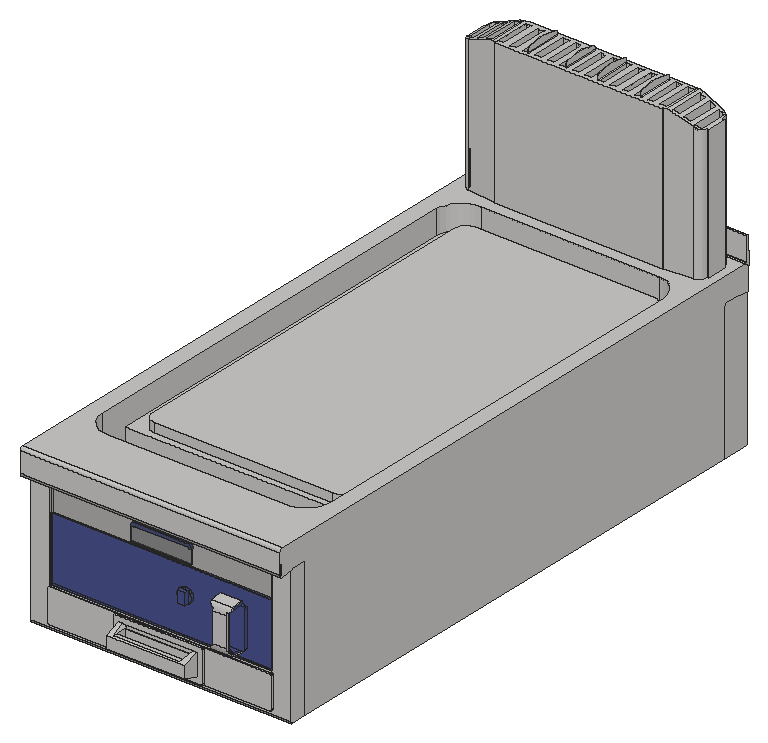
Revit family "QF_ELECTROLUXPROFESSIONAL_589093_MCHMABDOPO", category Specialty Equipment, Revit 2018 (continued)
Definition of nested family "GG_900_Flute for 400 fryer"
  Automatic sketch dimensions
    Extrusion 11 sketch curve to Extrusion 11 sketch curve = 4 mm
    level to Extrusion 11 sketch curve = 1058.178 mm
    Extrusion 11 sketch curve to Extrusion 11 sketch curve = 49.354 mm
    Extrusion 11 sketch curve to Extrusion 11 sketch curve = 3.029 mm  (x2)
    Extrusion 11 sketch curve to Extrusion 11 sketch curve = 0.001 mm  (x4)
    Extrusion 11 sketch curve to Extrusion 11 sketch curve = 2.392 mm
    Extrusion 12 sketch curve to Extrusion 12 sketch curve = 0 mm  (x3)
    Extrusion 12 sketch curve to plane 3 "Center (Left/Right)" = 39.25 mm
    Extrusion 12 sketch curve to Extrusion 12 sketch curve = 1 mm  (x2)
    Extrusion 12 sketch curve to Extrusion 12 sketch curve = 0.732 mm
    level to Extrusion 12 sketch curve = 1107.532 mm
    curve 4 to plane 4 = 0 mm
    plane 4 to curve 3 = 0.886 mm
    plane 4 to curve 5 = 0.886 mm
    plane 7 to curve 7 = 5.608 mm
    plane 7 to curve 2 = 5.608 mm
    plane 7 to curve 3 = 6.632 mm
    plane 7 to curve 5 = 6.632 mm
    plane 1 "Center (Front/Back)" to curve 2 = 5.039 mm
    plane 8 to curve 2 = 22.497 mm
    plane 8 to curve 6 = 22.497 mm
    plane 3 "Center (Left/Right)" to curve 8 = 49.049 mm
    plane 3 "Center (Left/Right)" to curve 12 = 49.049 mm
    curve 10 to plane 6 = 7.744 mm
    curve 11 to plane 5 = 2.907 mm
    curve 11 to curve 10 = 0 mm
    curve 12 to plane 6 = 6.72 mm
    curve 8 to plane 6 = 6.72 mm
    plane 6 to curve 11 = 4.002 mm
    plane 6 to curve 10 = 4.002 mm
    curve 10 to curve 9 = 2.136 mm
    curve 3 to plane 5 = 2.907 mm
    plane 5 to curve 10 = 2.907 mm
    plane 5 to curve 5 = 2.907 mm
    plane 5 to curve 10 = 15.407 mm
    curve 5 to curve 5 = 12.5 mm
    curve 10 to curve 9 = 0 mm
    curve 4 to curve 5 = 0 mm
    plane 5 to curve 6 = 32.954 mm
    curve 11 to curve 11 = 12.5 mm
    curve 4 to plane 5 = 15.407 mm
    curve 11 to curve 9 = 0 mm
    curve 3 to curve 3 = 12.5 mm
